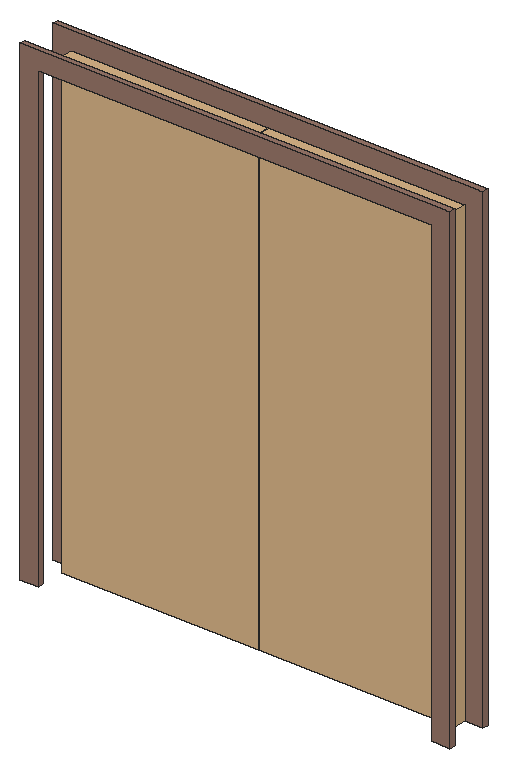
Revit family "9b9fed3b38d64cfe838e841d31cb3ec3", category Doors, host Wall, Revit 2026
Family settings
  Host = Wall
  Always vertical = Yes
  Cut with Voids When Loaded = No
  Shared = No
  Room Calculation Point = No
Parameters (values of type "1700 x 2000mm")
  Visual Light Transmittance = 0
  Thickness = 50 mm
  Thermal Resistance (R) = 0.455703 (m²·K)/W
  Swing Angle [instance] = 90.00°
  Solar Heat Gain Coefficient = 0
  Panel Width = 1 / 2 * Width  # 850 mm
  Define Thermal Properties by = Schematic Type
  Construction Type Id = "DOOR"
  Heat Transfer Coefficient (U) = 2.19465 W/(m²·K)
  Function = Interior
  Panel Material = Wood - Birch - Solid Stained Light Low Gloss
  Trim Material = Paint - Sienna
  Height = 2000 mm
  Trim Projection Ext = 25 mm
  Trim Projection Int = 25 mm
  Trim Width = 80 mm
  Wall Closure = By host
  Width = 1700 mm
  Analytic Construction = "Wooden"
Reference planes
  plane 1 "Center(Front/Right)": y = 0
  plane 2: z = 0
  plane 3 "Center (Left/Right)": x = 0
  plane 4 "Left": x = -850
  plane 5 "Right": x = 850
  plane 6 "Top": z = 2000
  plane 7: y = 76.2
Forms (mm)
  Extrusion 1, solid, material "Paint - Sienna" <- "Trim Material", detail levels fine
    sketch origin (-2286, 76.2, 0) x (-1, 0, 0) y (0, 0, 1)
      loop
        line (-3136, 2000) -> (-1436, 2000) -> (-1436, 0) -> (-1356, 0) -> (-1356, 2080) -> (-3216, 2080) -> (-3216, 0) -> (-3136, 0) -> (-3136, 2000)
    from 0 to 25
  Extrusion 2, solid, material "Paint - Sienna" <- "Trim Material", detail levels fine
    sketch origin (-2286, -76.2, 0) x (1, 0, 0) y (0, 0, 1)
      loop
        line (1436, 0) -> (1436, 2000) -> (3136, 2000) -> (3136, 0) -> (3216, 0) -> (3216, 2080) -> (1356, 2080) -> (1356, 0) -> (1436, 0)
    from 0 to 25
  Extrusion 3, solid, material "Wood - Birch - Solid Stained Light Low Gloss" <- "Panel Material"
    sketch origin (-1524, 76.2, 0) x (-1, 0, 0) y (0, 0, 1)
      loop
        line (-1524, 2000) -> (-1524, 0) -> (-674, 0) -> (-674, 2000) -> (-1524, 2000)
    from 0 to -50
  Extrusion 4, solid, material "Wood - Birch - Solid Stained Light Low Gloss" <- "Panel Material"
    sketch origin (0, 0, 0) x (-1, 0, 0) y (0, 0, 1)
      loop
        line (-850, 2000) -> (-850, 0) -> (0, 0) -> (0, 2000) -> (-850, 2000)
    from 26.2 to 76.2
Lines and regions (mm)
  Opening 1
    outline origin (-2286, -76.2, 0) x (1, 0, 0) y (0, 0, 1)
      loop
        line (1436, 0) -> (3136, 0) -> (3136, 2000) -> (1436, 2000) -> (1436, 0)
  symbolic lines, style "Elevation Swing"
    curve 1: line (0, 0, 2000) -> (-850, 0, 1000)
    curve 2: line (0, 0, 0) -> (-850, 0, 1000)
    curve 3: line (0, 0, 0) -> (850, 0, 1000)
    curve 4: line (850, 0, 1000) -> (0, 0, 2000)
Text (mm)
  text "Exterior" at (-1490.41, 1005.451, 0), in view "Ref. Level"
  text "Interior" at (-1482.03, -688.828, 0), in view "Ref. Level"
  text "Exterior" at (0, 1019.848, 3124.603), in view "Right"
  text "Interior" at (0, -1635.541, 3124.603), in view "Right"
  text "Interior" at (0, -698.591, 2960.884), in view "Left"
  text "Exterior" at (0, 1386.095, 2960.884), in view "Left"
Dimensions and locks
  "Height": plane 2 to plane 6 "Top"
  "Trim Width": Extrusion 2 sketch curve to plane 4 "Left"
  "Trim Width": Extrusion 2 sketch curve to plane 5 "Right"
  "Trim Width": Extrusion 2 sketch curve to plane 6 "Top"
  "Trim Width": Extrusion 1 sketch curve to Extrusion 1 sketch curve  (x2)
  "Trim Width": Extrusion 1 sketch curve to plane 6 "Top"
  "Trim Projection Int": Extrusion 2 to host wall
  "Trim Projection Ext": Extrusion 1 to host wall
  "Thickness": Extrusion 3 to host wall
  "Width": plane 4 "Left" to plane 5 "Right"
  equal spacing: plane 4 "Left", plane 3 "Center (Left/Right)", plane 5 "Right"
  equal spacing: plane 6 "Top", curve 2, level
  equal spacing: plane 6 "Top", curve 4, level
  aligned and locked: plane 4 "Left" to Opening 1 sketch curve
  aligned and locked: plane 6 "Top" to Opening 1 sketch curve  (x2)
  aligned and locked: Opening 1 sketch curve to plane 5 "Right"
  aligned and locked: Opening 1 sketch curve to level
  aligned and locked: plane 6 "Top" to Extrusion 1 sketch curve  (x2)
  aligned and locked: plane 4 "Left" to Extrusion 1 sketch curve
  aligned and locked: Extrusion 1 sketch curve to plane 4 "Left"
  aligned and locked: plane 2 to Extrusion 1 sketch curve
  aligned and locked: Extrusion 1 sketch curve to plane 2
  aligned and locked: level to Extrusion 1 sketch curve
  aligned and locked: plane 5 "Right" to Extrusion 1 sketch curve
  aligned and locked: Extrusion 1 to host wall
  aligned and locked: plane 4 "Left" to Extrusion 2 sketch curve
  aligned and locked: plane 6 "Top" to Extrusion 2 sketch curve  (x2)
  aligned and locked: plane 5 "Right" to Extrusion 2 sketch curve  (x2)
  aligned and locked: level to Extrusion 2 sketch curve
  aligned and locked: Extrusion 2 sketch curve to level
  aligned and locked: plane 2 to Extrusion 2 sketch curve
  aligned and locked: Extrusion 2 to host wall
  aligned and locked: plane 7 to host wall
  aligned and locked: Extrusion 4 to Extrusion 3  (x2)
  aligned and locked: nested 1 to plane 5 "Right"
  aligned and locked: nested 1 to plane 7
  aligned and locked: nested 1 to plane 3 "Center (Left/Right)"
  aligned and locked: nested 2 to plane 4 "Left"
  aligned and locked: plane 7 to Extrusion 3
  aligned and locked: nested 2 to plane 3 "Center (Left/Right)"
  aligned and locked: plane 7 to nested 2
  aligned and locked: plane 7 to nested 1
Automatic sketch dimensions
  Extrusion 3 sketch curve to level = 0 mm
  Extrusion 3 sketch curve to plane 4 "Left" = 0 mm
  Extrusion 3 sketch curve to plane 6 "Top" = 0 mm
  Extrusion 3 sketch curve to plane 3 "Center (Left/Right)" = 0 mm
  Extrusion 4 sketch curve to level = 0 mm
  Extrusion 4 sketch curve to plane 5 "Right" = 0 mm
  Extrusion 4 sketch curve to plane 3 "Center (Left/Right)" = 0 mm
  Extrusion 4 sketch curve to plane 6 "Top" = 0 mm
  curve 1 to plane 3 "Center (Left/Right)" = 0 mm
  curve 1 to plane 6 "Top" = 0 mm
  curve 2 to plane 4 "Left" = 0 mm
  curve 4 to plane 5 "Right" = 0 mm
  curve 3 to level = 0 mm
  curve 2 to plane 3 "Center (Left/Right)" = 0 mm
Nested families
  nested 1: "Door Swing-Single" at (850, 76.2, 0), Swing Angle <- "Swing Angle", type "Single"
    with Swing Visible yes, Swing Angle 90.00°, Actual Angle 90.00°
  nested 2: "Door Swing-Single" at (-850, 76.2, 0) x (-1, 0, 0) z (0, 0, 1), Swing Angle <- "Swing Angle", type "Single"
    with Swing Visible yes, Swing Angle 90.00°, Actual Angle 90.00°
Definition of nested family "Door Swing-Single"
  Parameters (values of type "Single")
    Width = 900 mm
    Thickness = 45 mm
    Swing Visible [instance] = Swing Angle > 1.00°  # yes
    Swing Angle [instance] = 45.00°
    Analytic Construction = "<None>"
    Actual Angle [instance] = if(Swing Angle < 1.00°, 1.00°, Swing Angle)  # 45.00°
  Reference planes
    plane 1 "Center (Front/Back)": y = 0
    plane 2: z = 0
    plane 3 "Center (Left/Right)": x = 0
    plane 4: x = -900
  Lines and regions (mm)
    Masking region 1
      outline origin (0, 0, 0) x (-0.707107, 0.707107, 0) y (-0.707107, -0.707107, 0)
        loop
          line (0, 0) -> (900, 0) -> (900, 45) -> (0, 45) -> (0, 0)
    symbolic lines
      curve 1: line (0, 0, 0) -> (-900, 0, 0)
    symbolic lines, visible <- "Swing Visible"
      curve 2: arc (-900, 0, 0) -> (-831.492, 344.415, 0) -> (-636.396, 636.396, 0) r 900
    reference lines
      curve 3: line (0, 0, 0) -> (-636.396, 636.396, 0)
    model lines
      curve 4: line (0, 0, 0) -> (0, 0, 25.4)
  Dimensions and locks
    "Width": plane 4 to plane 3 "Center (Left/Right)"
    locked: curve 2 to plane 3 "Center (Left/Right)"
    locked: curve 2 to plane 1 "Center (Front/Back)"
    "Width": curve 3 to curve 3
    "Thickness": Masking region 1 sketch curve to Masking region 1 sketch curve
    locked: curve 4 to plane 2 at 25.4
    "Width": radius of curve 2
    "Actual Angle": angle curve 2 to curve 2
    "Swing Angle": angle curve 3 to plane 1 "Center (Front/Back)"
    aligned and locked: curve 1 to plane 1 "Center (Front/Back)"
    aligned and locked: plane 3 "Center (Left/Right)" to curve 1
    aligned and locked: plane 3 "Center (Left/Right)" to curve 3
    aligned and locked: plane 1 "Center (Front/Back)" to curve 3
    aligned and locked: curve 3 to Masking region 1 sketch curve
    aligned and locked: Masking region 1 sketch curve to curve 3  (x2)
    aligned and locked: plane 3 "Center (Left/Right)" to curve 4
    aligned and locked: plane 2 to curve 4
